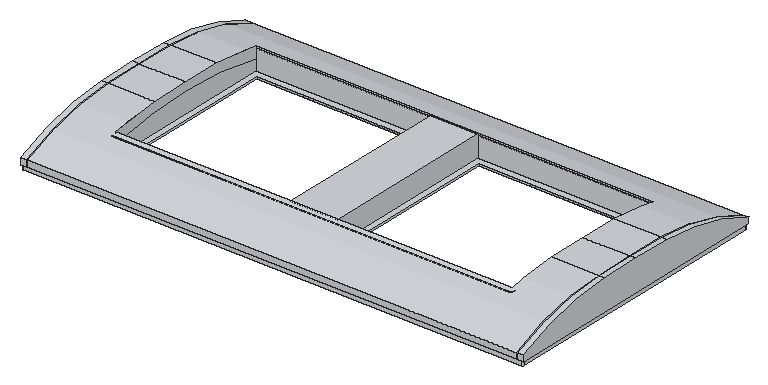
Revit family "Gira_0212728", category Electrical Fixtures, host Face, Revit 2017
Family settings
  Host = Face
  Maintain Annotation Orientation = No
  Round Connector Dimension = Use Diameter
  Part Type = Normal
  Cut with Voids When Loaded = No
  Shared = No
  Room Calculation Point = No
Parameters (values of type "Abdeckrahmen 2f Zwischenr. AN Gira Event Klar Weiß")
  Werkstoffgüte = "Thermoplast"
  Werkstoff = "Kunststoff"
  URL = "http://katalog.gira.de/de_DE/datenblatt.html?artikelnr=0212728"
  Transparent = "No"
  Textfeld/Beschriftungsfläche = "No"
  Schutzart (IP) = "IP20"
  Region = "DE"
  Oberfläche = "sonstige"
  Name = "Abdeckrahmen 2f Zwischenr. AN Gira Event Klar Weiß"
  Montagerichtung = "horizontal und vertikal"
  Mit Montagerahmen = "No"
  Mit Klappdeckel = "No"
  Manufacturer URL = "https://www.gira.de/"
  Keynote = "Event_Rahmen_2fach"
  HeinzeBIM = "https://bimportal.heinze.de/bim/abdeckrahmen-2f-zwischenr-an-gira-event-klar-weiss/7a31397b6e86859ab1596203b24883f820b3ed3a"
  Halogenfrei = "Yes"
  HAN = "0212728"
  Geeignet für Unterputz-Installation = "Yes"
  Geeignet für Unterflurkanaldose = "No"
  Geeignet für Geräteeinbaukanal = "No"
  Geeignet für Einbauinstallation = "No"
  GTIN = "4010337068761"
  Farbe = "weiß"
  Default Elevation = 1219.2 mm
  Data sheet (1) = "https://katalog.gira.de/de_DE/download.html?artikelnr=0212728"
  Category = "Abdeckrahmen"
  Befestigungsart = "Klemmbefestigung"
  Available = "Yes"
  Anzahl der Einheiten vertikal = "2 "
  Anzahl der Einheiten horizontal = "2 "
  Anzahl der Einheiten = "2 "
Reference planes
  plane 1 "Center (Front/Back)": y = 0
  plane 2: z = 0
  plane 3 "Center (Left/Right)": x = 0
Forms (mm)
  Extrusion 1, solid, detail levels fine
    sketch origin (0, 0, 0.05) x (0, 1, 0) y (0, 0, 1)
      loop
        arc (12.445, 9.683) -> (6.223, 9.833) -> (0, 9.85) r 291.636
        arc (0, 9.85) -> (-6.223, 9.833) -> (-12.445, 9.683) r 291.636
        arc (-12.445, 9.683) -> (-29.14, 7.482) -> (-45, 1.823) r 79.728
        line (-45, 1.823) -> (-45, -0.05) -> (-42.086, -0.05)
        arc (-42.086, -0.05) -> (-21.385, 5.559) -> (0, 7.206) r 114.424
        arc (0, 7.206) -> (21.385, 5.559) -> (42.086, -0.05) r 114.424
        line (42.086, -0.05) -> (45, -0.05) -> (45, 1.823)
        arc (45, 1.823) -> (29.14, 7.482) -> (12.445, 9.683) r 79.728
    from -78.55 to 78.55
  Extrusion 2, void, detail levels fine
    sketch origin (0, 0, 0) x (1, 0, 0) y (0, 1, 0)
      loop
        line (-63.55, -27.937) -> (63.55, -27.937) -> (63.55, 28.063) -> (-63.55, 28.063) -> (-63.55, -27.937)
    from 0.724 to 11
  Extrusion 3, solid, detail levels coarse
    sketch origin (0, 0, 0) x (1, 0, 0) y (0, 1, 0)
      loop
        line (-80.55, 45) -> (-80.55, -45) -> (80.55, -45) -> (80.55, 45) -> (-80.55, 45)
    from -1.5 to 9.9
  Extrusion 4, solid, detail levels medium
    sketch origin (0, 0, 0.05) x (0, 1, 0) y (0, 0, 1)
      loop
        arc (12.445, 9.683) -> (6.223, 9.833) -> (0, 9.85) r 291.636
        arc (0, 9.85) -> (-6.223, 9.833) -> (-12.445, 9.683) r 291.636
        arc (-12.445, 9.683) -> (-29.14, 7.482) -> (-45, 1.823) r 79.728
        line (-45, 1.823) -> (-45, -0.05) -> (45, -0.05) -> (45, 1.823)
        arc (45, 1.823) -> (29.14, 7.482) -> (12.445, 9.683) r 79.728
    from -80.55 to 80.55
  Extrusion 5, solid, detail levels fine
    sketch origin (-35.55, 0, -1.5) x (0, 1, 0) y (0, 0, -1)
      loop
        line (45, -3.373) -> (45, -1.5) -> (-45, -1.5) -> (-45, -3.373)
        arc (-45, -3.373) -> (-29.14, -9.032) -> (-12.445, -11.233) r 79.728
        arc (-12.445, -11.233) -> (-6.223, -11.383) -> (0, -11.4) r 291.636
        arc (0, -11.4) -> (6.223, -11.383) -> (12.445, -11.233) r 291.636
        arc (12.445, -11.233) -> (29.14, -9.032) -> (45, -3.373) r 79.728
    from 43 to 45
  Extrusion 6, solid, detail levels fine
    sketch origin (0, 0, 0) x (1, 0, 0) y (0, 1, 0)
      loop
        line (-61.45, 25.7) -> (-61.45, -25.7) -> (-9.65, -25.7) -> (-9.65, 25.7) -> (-61.45, 25.7)
      loop
        line (61.45, -25.7) -> (61.45, 25.7) -> (9.65, 25.7) -> (9.65, -25.7) -> (61.45, -25.7)
      loop
        line (-64.445, 28.49) -> (-64.445, -28.495)
        spline (-64.445, -28.495) -> (-64.436, -28.625) -> (-64.411, -28.754) -> (-64.369, -28.878) -> (-64.311, -28.995) -> (-64.238, -29.104) -> (-64.152, -29.202) -> (-64.054, -29.288) -> (-63.945, -29.361) -> (-63.828, -29.419) -> (-63.704, -29.461) -> (-63.575, -29.486) -> (-63.445, -29.495)
        line (-63.445, -29.495) -> (63.445, -29.495)
        spline (63.445, -29.495) -> (63.575, -29.486) -> (63.704, -29.461) -> (63.828, -29.419) -> (63.945, -29.361) -> (64.054, -29.288) -> (64.152, -29.202) -> (64.238, -29.104) -> (64.311, -28.995) -> (64.369, -28.878) -> (64.411, -28.754) -> (64.436, -28.625) -> (64.445, -28.495)
        line (64.445, -28.495) -> (64.445, 28.49)
        spline (64.445, 28.49) -> (64.436, 28.62) -> (64.411, 28.748) -> (64.369, 28.872) -> (64.311, 28.99) -> (64.238, 29.098) -> (64.152, 29.197) -> (64.054, 29.283) -> (63.945, 29.356) -> (63.828, 29.413) -> (63.704, 29.456) -> (63.575, 29.481) -> (63.445, 29.49)
        line (63.445, 29.49) -> (-63.445, 29.49)
        spline (-63.445, 29.49) -> (-63.575, 29.481) -> (-63.704, 29.456) -> (-63.828, 29.413) -> (-63.945, 29.356) -> (-64.054, 29.283) -> (-64.152, 29.197) -> (-64.238, 29.098) -> (-64.311, 28.99) -> (-64.369, 28.872) -> (-64.411, 28.748) -> (-64.436, 28.62) -> (-64.445, 28.49)
    from 0.1 to 7.3
  Extrusion 7, solid
    sketch origin (0, 0, 0) x (1, 0, 0) y (0, 1, 0)
      loop
        arc (-80.25, -44.2) -> (-80.104, -44.554) -> (-79.75, -44.7) r 0.5
        line (-79.75, -44.7) -> (79.75, -44.7)
        arc (79.75, -44.7) -> (80.104, -44.554) -> (80.25, -44.2) r 0.5
        line (80.25, -44.2) -> (80.25, 44.2)
        arc (80.25, 44.2) -> (80.104, 44.554) -> (79.75, 44.7) r 0.5
        line (79.75, 44.7) -> (-79.75, 44.7)
        arc (-79.75, 44.7) -> (-80.104, 44.554) -> (-80.25, 44.2) r 0.5
        line (-80.25, 44.2) -> (-80.25, -44.2)
      loop
        line (-78.55, 43) -> (-78.55, -43) -> (78.55, -43) -> (78.55, 43) -> (-78.55, 43)
    from -1.5 to 0.5
  Extrusion 8, solid, detail levels fine
    sketch origin (35.55, 0, -1.5) x (0, 1, 0) y (0, 0, 1)
      loop
        arc (45, 3.373) -> (29.14, 9.032) -> (12.445, 11.233) r 79.728
        arc (12.445, 11.233) -> (6.223, 11.383) -> (0, 11.4) r 291.636
        arc (0, 11.4) -> (-6.223, 11.383) -> (-12.445, 11.233) r 291.636
        arc (-12.445, 11.233) -> (-29.14, 9.032) -> (-45, 3.373) r 79.728
        line (-45, 3.373) -> (-45, 1.5) -> (45, 1.5) -> (45, 3.373)
    from 43 to 45
  Extrusion 9, solid, detail levels medium
    sketch origin (0, 0, 0) x (1, 0, 0) y (0, 1, 0)
      loop
        line (-80.25, -44.7) -> (80.25, -44.7) -> (80.25, 44.7) -> (-80.25, 44.7) -> (-80.25, -44.7)
    from -1.5 to 0.5
  Extrusion 10, solid, detail levels fine
    sketch origin (0, 0, 0) x (1, 0, 0) y (0, 1, 0)
      loop
        line (-7.55, 28.063) -> (-7.55, -27.937) -> (7.55, -27.937) -> (7.55, 28.063) -> (-7.55, 28.063)
    from 0.724 to 7.566
Cuts and joins
  Extrusion 2 cuts Extrusion 1
  Extrusion 2 cuts Extrusion 6
Dimensions and locks
  aligned and locked: plane 2 to host face
  aligned and locked: level to host face
